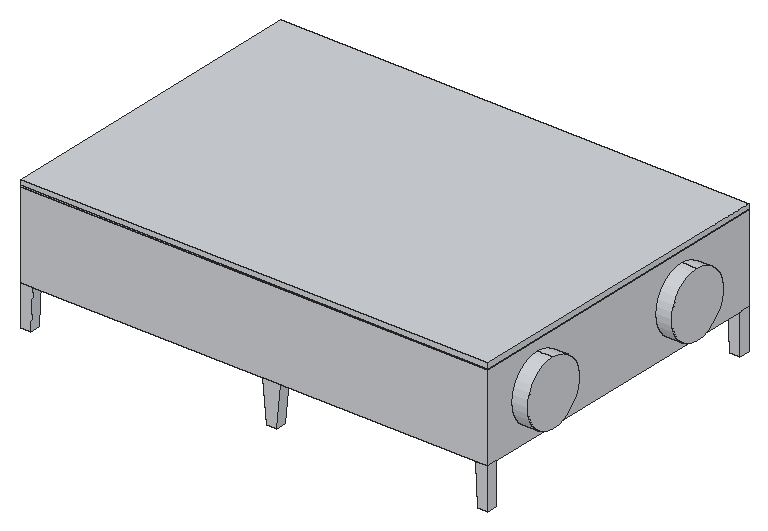
Revit family "AHU 4 _4", category Mechanické zařízení, Revit 2018
Family settings
  Kóta kulaté spojky = Použít průměr
  Typ dílu = Normální
  Číslo OmniClass = 23.75.00.00
  Nadpis OmniClass = Climate Control (HVAC)
  Založené na pracovní rovině = Ne
  Vždy vertikální = Ano
  Ořezat dutým tvarem při načtení = Ne
  Sdílené = Ne
  Bod výpočtu místnosti = Ne
Parameters (values of type "DUPLEXVENT 1500 Multi Eco")
  Width [instance] = 1.6 mm
  Weight [instance] = 268.00 kg
  URL = ""
  Type [instance] = "DUPLEXVENT 1500 Multi Eco"
  Total_SFP [instance] = 0
  Supply_outlet_hum [instance] = 90
  Supply_inlet_hum [instance] = 90
  Supply_ext_pressure [instance] = 0.0 Pa
  Supply_SFP [instance] = 0
  Source_adu_file [instance] = ""
  Recuperation_type [instance] = "Plate heat recovery exchanger"
  Recuperation_efficiency_EN308 [instance] = 0
  Project_name [instance] = ""
  Project_date [instance] = "10.8.2023"
  Power_supply_fusing [instance] = "0"
  Power_supply_cable [instance] = "0"
  Position [instance] = "AHU 4 "
  Phases_count [instance] = 1
  Panel_thickness [instance] = 0.06 mm
  Outer_surface [instance] = "RAL 9002"
  Length [instance] = 2.3 mm
  Insulation_type [instance] = "PUR"
  Insulation_thickness [instance] = 0.05 mm
  Installation_environment [instance] = ""
  Input_power_max [instance] = 1560 W
  Inner_surface [instance] = "Pozink"
  I2 [instance] = I1  # 0.0 L/s
  Height [instance] = 0.455 mm
  Exhaust_outlet_hum [instance] = 0
  Exhaust_inlet_hum [instance] = 40
  Exhaust_ext_pressure [instance] = 0.0 Pa
  Exhaust_SFP [instance] = 0
  E1 [instance] = E2 - M1  # 0.0 L/s
  E2 [instance] = 0.0 L/s
  I1 [instance] = 0.0 L/s
  Description = ""
  M1 [instance] = 0.0 L/s
  Device_dutypoint_version [instance] = "2"
  Device_design_version [instance] = "17"
  Device_adu_id [instance] = "4"
  Current_max [instance] = 7.8 A
  Casing_mat [instance] = "painted zinc layer"
  Cable type [instance] = "CYKY 3Jx2,5"
Reference planes
  plane 1 "Střed (vpředu/vzadu)": y = 0
  plane 2 "ref": z = 0
  plane 3 "Střed (vlevo/vpravo)": x = 0
Forms (mm)
  Sweep 1, solid
    path origin (0, 0, -425) x (0, 0, 1) y (1, 0, 0)
      loop
        line (0, 0) -> (425, 0)
    profile origin (0, 0, -425) x (1, 0, 0) y (0, 1, 0)
      loop
        line (0, 0) -> (2300, 0) -> (2300, 1600) -> (0, 1600) -> (0, 0)
  Sweep 2, solid
    path origin (0, 0, 0) x (0, 0, 1) y (1, 0, 0)
      loop
        line (0, 0) -> (30, 0)
    profile origin (0, 0, 0) x (1, 0, 0) y (0, 1, 0)
      loop
        line (0, 0) -> (2300, 0) -> (2300, 1600) -> (0, 1600) -> (0, 0)
  Sweep 3, solid
    path origin (0, 300, -205) x (0, 0, -1) y (1, 0, 0)
      loop
        line (0, 0) -> (0, -80)
    profile origin (0, 300, -205) x (0, 0, -1) y (0, -1, 0)
      loop
        circle (0, 0) r 158
  Sweep 4, solid
    path origin (2300, 1185, -205) x (0, 0, -1) y (1, 0, 0)
      loop
        line (0, 0) -> (0, 80)
    profile origin (2300, 1185, -205) x (0, 0, 1) y (0, -1, 0)
      loop
        circle (0, 0) r 158
  Sweep 5, solid
    path origin (2300, 300, -205) x (0, 0, -1) y (1, 0, 0)
      loop
        line (0, 0) -> (0, 80)
    profile origin (2300, 300, -205) x (0, 0, 1) y (0, -1, 0)
      loop
        circle (0, 0) r 158
  Sweep 6, solid
    path origin (0, 1370, -205) x (0, 0, -1) y (1, 0, 0)
      loop
        line (0, 0) -> (0, -80)
    profile origin (0, 1370, -205) x (0, 0, -1) y (0, -1, 0)
      loop
        circle (0, 0) r 158
  Sweep 7, solid
    path origin (404, 1508, -425) x (0, -1, 0) y (0, 0, 1)
      loop
        line (0, 0) -> (0, -150)
    profile origin (404, 1508, -425) x (-1, 0, 0) y (0, -1, 0)
      loop
        circle (0, 0) r 20
  Sweep 8, solid
    path origin (1208, 1508, -425) x (0, -1, 0) y (0, 0, 1)
      loop
        line (0, 0) -> (0, -150)
    profile origin (1208, 1508, -425) x (-1, 0, 0) y (0, -1, 0)
      loop
        circle (0, 0) r 20
  Sweep 9, solid
    path origin (0, 0, 5) x (0, 0, 1) y (1, 0, 0)
      loop
        line (0, 0) -> (25, 0)
    profile origin (0, 0, 5) x (1, 0, 0) y (0, 1, 0)
      loop
        line (0, 0) -> (2300, 0) -> (2300, 1600) -> (0, 1600) -> (0, 0)
  Sweep 10, solid
    path origin (25, 50, -425) x (1, 0, 0) y (0, 1, 0)
      loop
        line (0, 0) -> (0, -50)
    profile origin (25, 50, -425) x (1, 0, 0) y (0, 0, 1)
      loop
        line (-25, 0) -> (-25, -200) -> (25, -200) -> (35, 0) -> (-25, 0)
  Sweep 11, solid
    path origin (2275, 50, -425) x (1, 0, 0) y (0, 1, 0)
      loop
        line (0, 0) -> (0, -50)
    profile origin (2275, 50, -425) x (1, 0, 0) y (0, 0, 1)
      loop
        line (-35, 0) -> (-25, -200) -> (25, -200) -> (25, 0) -> (-35, 0)
  Sweep 12, solid
    path origin (25, 1600, -425) x (1, 0, 0) y (0, 1, 0)
      loop
        line (0, 0) -> (0, -50)
    profile origin (25, 1600, -425) x (1, 0, 0) y (0, 0, 1)
      loop
        line (-25, 0) -> (-25, -200) -> (25, -200) -> (35, 0) -> (-25, 0)
  Sweep 13, solid
    path origin (2275, 1600, -425) x (1, 0, 0) y (0, 1, 0)
      loop
        line (0, 0) -> (0, -50)
    profile origin (2275, 1600, -425) x (1, 0, 0) y (0, 0, 1)
      loop
        line (-35, 0) -> (-25, -200) -> (25, -200) -> (25, 0) -> (-35, 0)
  Sweep 14, solid
    path origin (1237, 50, -425) x (1, 0, 0) y (0, 1, 0)
      loop
        line (0, 0) -> (0, -50)
    profile origin (1237, 50, -425) x (1, 0, 0) y (0, 0, 1)
      loop
        line (-45, 0) -> (-25, -200) -> (25, -200) -> (45, 0) -> (-45, 0)
  Sweep 15, solid
    path origin (1063, 1600, -425) x (1, 0, 0) y (0, 1, 0)
      loop
        line (0, 0) -> (0, -50)
    profile origin (1063, 1600, -425) x (1, 0, 0) y (0, 0, 1)
      loop
        line (-45, 0) -> (-25, -200) -> (25, -200) -> (45, 0) -> (-45, 0)
  Sweep 16, solid
    path origin (1150, 830, -425) x (1, 0, 0) y (0, 1, 0)
      loop
        line (0, 0) -> (0, -50)
    profile origin (1150, 830, -425) x (1, 0, 0) y (0, 0, 1)
      loop
        line (-45, 0) -> (-25, -200) -> (25, -200) -> (45, 0) -> (-45, 0)
  Sweep 17, solid
    path origin (0, 0, -415) x (0, 0, 1) y (1, 0, 0)
      loop
        line (0, 0) -> (305, 0)
    profile origin (0, 0, -415) x (1, 0, 0) y (0, 1, 0)
      loop
        line (585, 1600) -> (990, 1600) -> (990, 1690) -> (585, 1690) -> (585, 1600)
  Sweep 18, solid
    path origin (585, 1645, -263) x (0, 0, -1) y (1, 0, 0)
      loop
        line (0, 0) -> (0, -1)
    profile origin (585, 1645, -263) x (0, 0, -1) y (0, -1, 0)
      loop
        circle (0, 0) r 10
Lines and regions (mm)
  model lines, style "Symbol"
    curve 1: line (943, 0, 30) -> (943, 320, 30)
    curve 2: line (943, 1600, 30) -> (943, 1280, 30)
    curve 3: line (0, 800, 30) -> (463, 800, 30)
    curve 4: line (2300, 800, 30) -> (1423, 800, 30)
    curve 5: line (463, 800, 30) -> (703, 1280, 30)
    curve 6: line (703, 1280, 30) -> (1183, 1280, 30)
    curve 7: line (1183, 1280, 30) -> (1423, 800, 30)
    curve 8: line (1423, 800, 30) -> (1183, 320, 30)
    curve 9: line (1183, 320, 30) -> (943, 320, 30)
    curve 10: line (943, 320, 30) -> (703, 320, 30)
    curve 11: line (703, 320, 30) -> (463, 800, 30)
    curve 12: line (1948, 1314, 30) -> (2204, 1270, 30)
    curve 13: line (1948, 1086, 30) -> (2204, 1130, 30)
    curve 14: line (352, 1086, 30) -> (96, 1130, 30)
    curve 15: line (352, 1314, 30) -> (96, 1270, 30)
    curve 16: line (46, 160, 30) -> (46, 640, 30)
    curve 17: line (46, 640, 30) -> (184, 640, 30)
    curve 18: line (184, 640, 30) -> (184, 160, 30)
    curve 19: line (184, 160, 30) -> (46, 160, 30)
    curve 20: line (115, 160, 30) -> (184, 400, 30)
    curve 21: line (115, 640, 30) -> (184, 400, 30)
    curve 22: line (2254, 640, 30) -> (2254, 160, 30)
    curve 23: line (2254, 160, 30) -> (2116, 160, 30)
    curve 24: line (2116, 160, 30) -> (2116, 640, 30)
    curve 25: line (2116, 640, 30) -> (2254, 640, 30)
    curve 26: line (2185, 640, 30) -> (2116, 400, 30)
    curve 27: line (2185, 160, 30) -> (2116, 400, 30)
    curve 28: line (616, 280, 30) -> (398, 708, 30)
    curve 29: line (398, 708, 30) -> (470, 744, 30)
    curve 30: line (470, 744, 30) -> (688, 316, 30)
    curve 31: line (688, 316, 30) -> (616, 280, 30)
    curve 32: line (485, 554, 30) -> (513, 641, 30)
    curve 33: line (573, 383, 30) -> (601, 470, 30)
    curve 34: line (378, 1508, -425) -> (430, 1508, -425)
    curve 35: line (404, 1482, -425) -> (404, 1534, -425)
    curve 36: line (1182, 1508, -425) -> (1234, 1508, -425)
    curve 37: line (1208, 1482, -425) -> (1208, 1534, -425)
    curve 38: line (0, 0, 1230) -> (0, 0, 30)
    curve 39: line (2300, 0, 1230) -> (2300, 0, 30)
    curve 40: line (0, 0, 1230) -> (2300, 0, 1230)
    curve 41: line (0, 1600, 1230) -> (0, 1600, 30)
    curve 42: line (2300, 1600, 1230) -> (2300, 1600, 30)
    curve 43: line (0, 1600, 1230) -> (2300, 1600, 1230)
    curve 44: line (0, 0, 1230) -> (0, 1600, 1230)
    curve 45: line (2300, 0, 1230) -> (2300, 1600, 1230)
    curve 46: line (0, 1400, 1230) -> (200, 1600, 1230)
    curve 47: line (0, 1200, 1230) -> (400, 1600, 1230)
    curve 48: line (0, 1000, 1230) -> (600, 1600, 1230)
    curve 49: line (0, 800, 1230) -> (800, 1600, 1230)
    curve 50: line (0, 600, 1230) -> (1000, 1600, 1230)
    curve 51: line (0, 400, 1230) -> (1200, 1600, 1230)
    curve 52: line (0, 200, 1230) -> (1400, 1600, 1230)
    curve 53: line (0, 0, 1230) -> (1600, 1600, 1230)
    curve 54: line (200, 0, 1230) -> (1800, 1600, 1230)
    curve 55: line (400, 0, 1230) -> (2000, 1600, 1230)
    curve 56: line (600, 0, 1230) -> (2200, 1600, 1230)
    curve 57: line (800, 0, 1230) -> (2300, 1500, 1230)
    curve 58: line (1000, 0, 1230) -> (2300, 1300, 1230)
    curve 59: line (1200, 0, 1230) -> (2300, 1100, 1230)
    curve 60: line (1400, 0, 1230) -> (2300, 900, 1230)
    curve 61: line (1600, 0, 1230) -> (2300, 700, 1230)
    curve 62: line (1800, 0, 1230) -> (2300, 500, 1230)
    curve 63: line (2000, 0, 1230) -> (2300, 300, 1230)
    curve 64: line (2200, 0, 1230) -> (2300, 100, 1230)
    curve 65: line (2300, 1400, 1230) -> (2300, 1600, 1030)
    curve 66: line (2300, 1200, 1230) -> (2300, 1600, 830)
    curve 67: line (2300, 1000, 1230) -> (2300, 1600, 630)
    curve 68: line (2300, 800, 1230) -> (2300, 1600, 430)
    curve 69: line (2300, 600, 1230) -> (2300, 1600, 230)
    curve 70: line (2300, 400, 1230) -> (2300, 1600, 30)
    curve 71: line (2300, 200, 1230) -> (2300, 1400, 30)
    curve 72: line (2300, 0, 1230) -> (2300, 1200, 30)
    curve 73: line (2300, 0, 1030) -> (2300, 1000, 30)
    curve 74: line (2300, 0, 830) -> (2300, 800, 30)
    curve 75: line (2300, 0, 630) -> (2300, 600, 30)
    curve 76: line (2300, 0, 430) -> (2300, 400, 30)
    curve 77: line (2300, 0, 230) -> (2300, 200, 30)
    curve 78: line (0, 1600, 1030) -> (200, 1600, 1230)
    curve 79: line (0, 1600, 830) -> (400, 1600, 1230)
    curve 80: line (0, 1600, 630) -> (600, 1600, 1230)
    curve 81: line (0, 1600, 430) -> (800, 1600, 1230)
    curve 82: line (0, 1600, 230) -> (1000, 1600, 1230)
    curve 83: line (0, 1600, 30) -> (1200, 1600, 1230)
    curve 84: line (200, 1600, 30) -> (1400, 1600, 1230)
    curve 85: line (400, 1600, 30) -> (1600, 1600, 1230)
    curve 86: line (600, 1600, 30) -> (1800, 1600, 1230)
    curve 87: line (800, 1600, 30) -> (2000, 1600, 1230)
    curve 88: line (1000, 1600, 30) -> (2200, 1600, 1230)
    curve 89: line (1200, 1600, 30) -> (2300, 1600, 1130)
    curve 90: line (1400, 1600, 30) -> (2300, 1600, 930)
    curve 91: line (1600, 1600, 30) -> (2300, 1600, 730)
    curve 92: line (1800, 1600, 30) -> (2300, 1600, 530)
    curve 93: line (2000, 1600, 30) -> (2300, 1600, 330)
    curve 94: line (2200, 1600, 30) -> (2300, 1600, 130)
    curve 95: line (0, 2320, 0) -> (0, 1600, 0)
    curve 96: line (2300, 2320, 0) -> (2300, 1600, 0)
    curve 97: line (0, 2320, 0) -> (2300, 2320, 0)
    curve 98: line (0, 2320, -425) -> (0, 1600, -425)
    curve 99: line (2300, 2320, -425) -> (2300, 1600, -425)
    curve 100: line (0, 2320, -425) -> (2300, 2320, -425)
    curve 101: line (0, 2320, 0) -> (0, 2320, -425)
    curve 102: line (2300, 2320, 0) -> (2300, 2320, -425)
    curve 103: line (0, 2320, -225) -> (200, 2320, -425)
    curve 104: line (0, 2320, -25) -> (400, 2320, -425)
    curve 105: line (175, 2320, 0) -> (600, 2320, -425)
    curve 106: line (375, 2320, 0) -> (800, 2320, -425)
    curve 107: line (575, 2320, 0) -> (1000, 2320, -425)
    curve 108: line (775, 2320, 0) -> (1200, 2320, -425)
    curve 109: line (975, 2320, 0) -> (1400, 2320, -425)
    curve 110: line (1175, 2320, 0) -> (1600, 2320, -425)
    curve 111: line (1375, 2320, 0) -> (1800, 2320, -425)
    curve 112: line (1575, 2320, 0) -> (2000, 2320, -425)
    curve 113: line (1775, 2320, 0) -> (2200, 2320, -425)
    curve 114: line (1975, 2320, 0) -> (2300, 2320, -325)
    curve 115: line (2175, 2320, 0) -> (2300, 2320, -125)
    curve 116: line (2300, 2320, -225) -> (2300, 2120, -425)
    curve 117: line (2300, 2320, -25) -> (2300, 1920, -425)
    curve 118: line (2300, 2145, 0) -> (2300, 1720, -425)
    curve 119: line (2300, 1945, 0) -> (2300, 1600, -345)
    curve 120: line (2300, 1745, 0) -> (2300, 1600, -145)
    curve 121: line (0, 2120, -425) -> (200, 2320, -425)
    curve 122: line (0, 1920, -425) -> (400, 2320, -425)
    curve 123: line (0, 1720, -425) -> (600, 2320, -425)
    curve 124: line (80, 1600, -425) -> (800, 2320, -425)
    curve 125: line (280, 1600, -425) -> (1000, 2320, -425)
    curve 126: line (480, 1600, -425) -> (1200, 2320, -425)
    curve 127: line (680, 1600, -425) -> (1400, 2320, -425)
    curve 128: line (880, 1600, -425) -> (1600, 2320, -425)
    curve 129: line (1080, 1600, -425) -> (1800, 2320, -425)
    curve 130: line (1280, 1600, -425) -> (2000, 2320, -425)
    curve 131: line (1480, 1600, -425) -> (2200, 2320, -425)
    curve 132: line (1680, 1600, -425) -> (2300, 2220, -425)
    curve 133: line (1880, 1600, -425) -> (2300, 2020, -425)
    curve 134: line (2080, 1600, -425) -> (2300, 1820, -425)
    curve 135: line (2280, 1600, -425) -> (2300, 1620, -425)
    curve 136: line (2300, 0, -625) -> (2300, 0, -425)
    curve 137: line (0, 0, -625) -> (0, 0, -425)
    curve 138: line (2300, 0, -625) -> (0, 0, -625)
    curve 139: line (2300, 1600, -625) -> (2300, 1600, -425)
    curve 140: line (0, 1600, -625) -> (0, 1600, -425)
    curve 141: line (2300, 1600, -625) -> (0, 1600, -625)
    curve 142: line (2300, 0, -625) -> (2300, 1600, -625)
    curve 143: line (0, 0, -625) -> (0, 1600, -625)
    curve 144: line (2300, 1400, -625) -> (2100, 1600, -625)
    curve 145: line (2300, 1200, -625) -> (1900, 1600, -625)
    curve 146: line (2300, 1000, -625) -> (1700, 1600, -625)
    curve 147: line (2300, 800, -625) -> (1500, 1600, -625)
    curve 148: line (2300, 600, -625) -> (1300, 1600, -625)
    curve 149: line (2300, 400, -625) -> (1100, 1600, -625)
    curve 150: line (2300, 200, -625) -> (900, 1600, -625)
    curve 151: line (2300, 0, -625) -> (700, 1600, -625)
    curve 152: line (2100, 0, -625) -> (500, 1600, -625)
    curve 153: line (1900, 0, -625) -> (300, 1600, -625)
    curve 154: line (1700, 0, -625) -> (100, 1600, -625)
    curve 155: line (1500, 0, -625) -> (0, 1500, -625)
    curve 156: line (1300, 0, -625) -> (0, 1300, -625)
    curve 157: line (1100, 0, -625) -> (0, 1100, -625)
    curve 158: line (900, 0, -625) -> (0, 900, -625)
    curve 159: line (700, 0, -625) -> (0, 700, -625)
    curve 160: line (500, 0, -625) -> (0, 500, -625)
    curve 161: line (300, 0, -625) -> (0, 300, -625)
    curve 162: line (100, 0, -625) -> (0, 100, -625)
    curve 163: line (0, 1400, -625) -> (0, 1600, -425)
    curve 164: line (0, 1200, -625) -> (0, 1400, -425)
    curve 165: line (0, 1000, -625) -> (0, 1200, -425)
    curve 166: line (0, 800, -625) -> (0, 1000, -425)
    curve 167: line (0, 600, -625) -> (0, 800, -425)
    curve 168: line (0, 400, -625) -> (0, 600, -425)
    curve 169: line (0, 200, -625) -> (0, 400, -425)
    curve 170: line (0, 0, -625) -> (0, 200, -425)
    curve 171: line (2300, 1600, -425) -> (2100, 1600, -625)
    curve 172: line (2100, 1600, -425) -> (1900, 1600, -625)
    curve 173: line (1900, 1600, -425) -> (1700, 1600, -625)
    curve 174: line (1700, 1600, -425) -> (1500, 1600, -625)
    curve 175: line (1500, 1600, -425) -> (1300, 1600, -625)
    curve 176: line (1300, 1600, -425) -> (1100, 1600, -625)
    curve 177: line (1100, 1600, -425) -> (900, 1600, -625)
    curve 178: line (900, 1600, -425) -> (700, 1600, -625)
    curve 179: line (700, 1600, -425) -> (500, 1600, -625)
    curve 180: line (500, 1600, -425) -> (300, 1600, -625)
    curve 181: line (300, 1600, -425) -> (100, 1600, -625)
    curve 182: line (100, 1600, -425) -> (0, 1600, -525)
    curve 183: line (0, 0, 30) -> (0, 1600, 30)
    curve 184: line (0, 1600, 30) -> (920, 1600, 30)
    curve 185: line (920, 1600, 30) -> (920, 0, 30)
    curve 186: line (920, 0, 30) -> (0, 0, 30)
    curve 187: line (1180, 0, 30) -> (1180, 1600, 30)
    curve 188: line (1180, 1600, 30) -> (2300, 1600, 30)
    curve 189: line (2300, 1600, 30) -> (2300, 0, 30)
    curve 190: line (2300, 0, 30) -> (1180, 0, 30)
    curve 191: line (0, 0, 30) -> (2300, 0, 30)
    curve 192: line (0, 1600, 30) -> (2300, 1600, 30)
    curve 193: line (0, 0, 30) -> (0, 1600, 30)
    curve 194: line (2300, 0, 30) -> (2300, 1600, 30)
    curve 195: line (0, 0, 30) -> (0, 0, 5)
    curve 196: line (2300, 0, 30) -> (2300, 0, 5)
    curve 197: line (0, 1600, 30) -> (0, 1600, 5)
    curve 198: line (2300, 1600, 30) -> (2300, 1600, 5)
    curve 199: circle (2060, 1200, 30) r 160 normal (0, 0, 1)
    curve 200: circle (240, 1200, 30) r 160 normal (0, 0, 1)
    curve 201: circle (499, 598, 30) r 12 normal (0, 0, 1)
    curve 202: circle (587, 426, 30) r 12 normal (0, 0, 1)
    curve 203: circle (404, 1508, -425) r 20 normal (0, 0, 1)
    curve 204: circle (1208, 1508, -425) r 20 normal (0, 0, 1)
Dimensions and locks
  aligned and locked: level to plane 2 "ref"
Connectors
  hvac at (-80, 300, -205), driven by "E1"
    settings: on Sweep 3, index 1, duct flow 0.0 L/s, flow factor 0, pres drop 0.0 Pa, loss coef 0, conn angle 0.00°, conn width 304.8 mm, conn height 304.8 mm, conn diameter 315 mm, duct sys type 1, conn prof type 0, flow config 1, flow direction 1, loss method 0, conn ref index -1, conn util no, is conn primary yes, conn desc ""
  hvac at (2380, 1185, -205), driven by "E2"
    settings: on Sweep 4, index 2, duct flow 0.0 L/s, flow factor 1, pres drop 0.0 Pa, loss coef 0, conn angle 0.00°, conn width 304.8 mm, conn height 304.8 mm, conn diameter 315 mm, duct sys type 1, conn prof type 0, flow config 2, flow direction 2, loss method 0, conn ref index -1, conn util no, is conn primary no, conn desc ""
  hvac at (2380, 300, -205), driven by "I1"
    settings: on Sweep 5, index 3, duct flow 0.0 L/s, flow factor 1, pres drop 0.0 Pa, loss coef 0, conn angle 0.00°, conn width 304.8 mm, conn height 304.8 mm, conn diameter 315 mm, duct sys type 3, conn prof type 0, flow config 2, flow direction 1, loss method 0, conn ref index -1, conn util no, is conn primary no, conn desc ""
  hvac at (-80, 1370, -205), driven by "I2"
    settings: on Sweep 6, index 4, duct flow 0.0 L/s, flow factor 0, pres drop 0.0 Pa, loss coef 0, conn angle 0.00°, conn width 304.8 mm, conn height 304.8 mm, conn diameter 315 mm, duct sys type 3, conn prof type 0, flow config 1, flow direction 2, loss method 0, conn ref index -1, conn util no, is conn primary no, conn desc ""
  piping at (404, 1508, -575), diameter 40
    settings: on Sweep 7, index 5, connector inside diameter 609.6 mm, connector length 0 mm, flow factor 0, pipe flow 0.0 L/s, pressure drop 0.0 Pa, fitting loss kfactor 0, connector angle 0.00°, fixture units 0, engagement length 0 mm, angle of deflection 0.00°, flow configuration 1, flow direction 2, fitting loss method 0, system type 16, joint type 0, gender type 0, connector reference index -1, connector utility 0, adjustable connector no, is connector primary yes, connector description ""
  piping at (1208, 1508, -575), diameter 40
    settings: on Sweep 8, index 6, connector inside diameter 609.6 mm, connector length 0 mm, flow factor 0, pipe flow 0.0 L/s, pressure drop 0.0 Pa, fitting loss kfactor 0, connector angle 0.00°, fixture units 0, engagement length 0 mm, angle of deflection 0.00°, flow configuration 1, flow direction 2, fitting loss method 0, system type 16, joint type 0, gender type 0, connector reference index -1, connector utility 0, adjustable connector no, is connector primary no, connector description ""
  electrical at (584, 1645, -263)
    settings: on Sweep 18, index 7, voltage 230 V, apparent load 0 VA, apparent load phase1 0 VA, apparent load phase2 0 VA, apparent load phase3 0 VA, power factor 1, load classification "Další", number of poles 1, system type 31, power factor state 1, is connector primary yes, connector utility no, sub classification motor no, connector description ""
